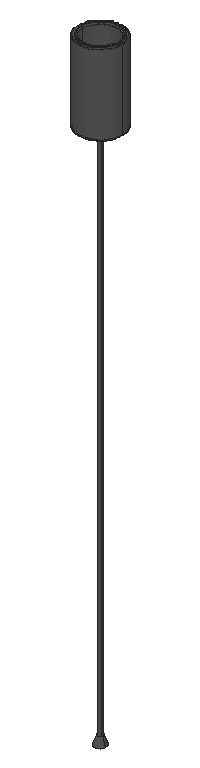
Revit family "CARLO CYLINDER LIGHT Pendant_ Surface", category Lighting Fixtures, host Face, Revit 2020 (continued)
Types (13): name | Wattage_Input | Wattage Comments | Wattage | built-in parameter 1150134 | Size 08 | Size 04 | Photometric Web File | built-in parameter 1150142 | Model | built-in parameter 1150105 | Lumens | built-in parameter 1150107 | built-in parameter 1150106 | Fixture Height | Fixture Diameter | BEAMING ANGLE | Apparent Load
    8 359.25 368.18 376.7 384.7 392.43 400.08 \r\n 407.75 415.7 423.75 431.79 439.87 447.84 456.18 465.51 475.21 484.77 \r\n 494.38 503.75 513.81 525.8 538.57 551.45 564.27 576.47 588.49 600.82 \r\n 612.84 623.99 634.69 645.27 655.58 665.56 675.32 685.02 694.48 703.66 \r\n 712.42 720.43 728.19 736.31 744.04 750.48 756.77 764.1 771.45 778.13 \r\n 784.38 790.12 795.67 801.39 807.1 812.87 818.38 823.33 827.7 831.27 \r\n 834.41 837.53 840.36 842.66 844.72 846.88 848.7 849.76 850.39 850.81 \r\n 849.27 \r\n2.1273 850.37 849.63 848.77 847.65 846.12 844.26 842.01 839.57 837.16 \r\n 834.53 831.5 828.1 824.29 820.12 815.62 810.88 806.04 800.91 795.23 \r\n 789.33 783.56 777.56 771.1 764.21 756.81 749.03 740.99 732.6 723.71 \r\n 714.65 705.88 696.81 686.84 676.43 665.83 655.11 644.59 633.86 622.56 \r\n 610.91 599.02 586.96 574.98 562.68 549.47 536.22 523.53 511.53 500.69 \r\n 490.53 480.7 471.24 462.05 453.12 444.38 435.82 427.43 419.08 410.56 \r\n 402.05 393.67 385.37 377.19 368.94 360.49 351.74 342.59 332.88 323.1 \r\n 311.25 294.8 275.93 255.69 234.95 215.23 195.62 175.55 155.53 135.82 \r\n 116.58 97.774 80.212 64.677 51.173 39.92 31.055 25.089 21.119 18.623 \r\n 16.964 15.235 13.727 12.417 11.343 10.581 9.9978 9.4845 9.0395 8.6235 \r\n 8.2415 7.8884 7.5545 7.223 6.9087 6.6263 6.3594 6.0914 5.8378 5.6154 \r\n 5.4035 5.1838 4.9651 4.7491 4.5393 4.3416 4.1504 3.9616 3.7782 3.6039 \r\n 3.4336 3.2607 3.0931 2.9366 2.7904 2.6607 2.5319 2.384 2.237 2.107 \r\n 1.9855 1.8682 1.758 1.6588 1.5638 1.4643 1.37 1.2896 1.217 1.1514 \r\n 1.0855 1.0083 0.93401 0.87673 0.8258 0.77525 0.72503 0.67152 0.6194 0.57298 \r\n 0.52969 0.48804 0.44907 0.41411 0.3808 0.34538 0.31333 0.29181 0.27198 0.24446 \r\n 0.21798 0.20022 0.18488 0.16799 0.15029 0.13113 0.11073 0.087956 0.066256 0.050151 \r\n 0.035251 0.015923 0.00041888 0 0 0 0 0 0 0 \r\n 0 0 0 0 0 0 0 0 0 0.010888 \r\n 0.023521 0.029695 0.037476 0.052731 0.073856 0.10478 0.13476 0.15051 0.16364 0.18253 \r\n 0.20357 0.22671 0.24959 0.26655 0.28732 0.32322 0.36378 0.40201 0.43884 0.47026 \r\n 0.5041 0.54858 0.59858 0.65344 0.70804 0.75374 0.80044 0.85666 0.91791 0.98276 \r\n 1.0507 1.1235 1.1998 1.2771 1.3598 1.4525 1.5514 1.6526 1.7608 1.8819 \r\n 2.0089 2.1355 2.2653 2.4021 2.539 2.6651 2.7967 2.9509 3.1153 3.2843 \r\n 3.4545 3.6147 3.7818 3.9762 4.1761 4.3596 4.5471 4.7571 4.9734 5.1808 \r\n 5.3939 5.626 5.8658 6.1018 6.3491 6.6219 6.9111 7.2061 7.5251 7.8873 \r\n 8.2802 8.6921 9.1397 9.623 10.181 10.811 11.64 12.825 14.274 15.93 \r\n 17.835 19.836 22.462 25.819 31.024 39.422 50.44 64.106 79.959 97.716 \r\n 116.87 136.98 157.56 178.03 198.22 217.61 236.67 255.85 274.77 293.66 \r\n 311.11 325.51 337.78 347.93 356.95 365.95 374.52 382.53 390.27 397.96 \r\n 405.69 413.68 421.78 429.97 438.17 446.12 454.4 463.69 473.37 482.97 \r\n 492.69 502.3 512.59 524.57 537.29 550.23 563.13 575.42 587.52 599.86 \r\n 611.9 623.06 633.83 644.58 655.04 664.9 674.52 684.28 693.84 703.08 \r\n 711.85 719.8 727.51 735.74 743.62 750.15 756.48 763.73 771.05 777.99 \r\n 784.52 790.31 795.84 801.55 807.23 812.92 818.35 823.31 827.72 831.31 \r\n 834.43 837.37 840.05 842.49 844.72 846.86 848.64 849.73 850.4 850.83 \r\n 849.27 \r\n2.1273 850.51 849.8 848.88 847.66 846.09 844.21 841.99 839.57 837.2 \r\n 834.57 831.46 827.98 824.19 820.09 815.72 811.04 806.07 800.73 794.79 \r\n 788.68 782.87 776.93 770.56 763.73 756.16 748.23 740.33 732.11 723.19 \r\n 714.09 705.47 696.54 686.56 676.09 665.4 654.61 644.08 633.34 621.88 \r\n 610.13 598.43 586.57 574.53 562.13 548.91 535.67 522.95 511.01 500.53 \r\n 490.73 480.99 471.46 462.05 452.9 444.23 435.79 427.41 419.12 410.9 \r\n 402.71 394.45 386.22 378.21 370.11 361.63 352.82 343.74 334.05 323.98 \r\n 311.86 295.49 276.71 256.22 235.24 215.63 196.16 176.02 155.83 135.84 \r\n 116.33 97.412 79.88 64.686 51.467 39.977 30.818 24.902 21.051 18.581 \r\n 16.927 15.199 13.688 12.378 11.304 10.541 9.9583 9.4514 9.0132 8.5993 \r\n 8.217 7.8606 7.5238 7.1943 6.8837 6.6061 6.3425 6.0723 5.8151 5.5911 \r\n 5.3786 5.1604 4.9427 4.7238 4.511 4.3142 4.1241 3.9325 3.7462 3.5713 \r\n 3.4017 3.2319 3.0669 2.9085 2.7606 2.6351 2.5096 2.3564 2.2033 2.0733 \r\n 1.9536 1.8385 1.7307 1.6325 1.5386 1.4412 1.3491 1.2712 1.2002 1.1338 \r\n 1.0667 0.98933 0.91531 0.85884 0.80895 0.75946 0.7101 0.65696 0.60471 0.55732 \r\n 0.51302 0.4713 0.43229 0.39642 0.36242 0.32775 0.29666 0.27555 0.25545 0.22584 \r\n 0.19771 0.18155 0.16832 0.15195 0.13403 0.11366 0.092257 0.070176 0.049718 0.033951 \r\n 0.020918 0.0087989 0.00024866 0 0 0 0 0 0 0 \r\n 0 0 0 0 0 0 0 0 0 0.017712 \r\n 0.038195 0.049508 0.060359 0.075576 0.094852 0.1224 0.14948 0.1655 0.1802 0.20129 \r\n 0.22429 0.24802 0.27024 0.28419 0.3022 0.33863 0.38069 0.42027 0.45772 0.48731 \r\n 0.51911 0.56359 0.61382 0.66781 0.72127 0.76601 0.81175 0.86661 0.92726 0.99442 \r\n 1.0642 1.1362 1.2116 1.2901 1.3755 1.4735 1.5775 1.6806 1.7891 1.9097 \r\n 2.0349 2.1579 2.2839 2.4174 2.5537 2.6871 2.8254 2.9756 3.1344 3.3039 \r\n 3.4752 3.6338 3.799 3.9929 4.1933 4.3801 4.5701 4.7781 4.9913 5.1979 \r\n 5.4096 5.6375 5.8719 6.101 6.3419 6.6116 6.8988 7.1938 7.5102 7.8594 \r\n 8.238 8.6405 9.0843 9.582 10.142 10.722 11.486 12.625 14.023 15.615 \r\n 17.441 19.371 21.857 24.89 29.716 37.802 48.471 61.582 76.99 94.758 \r\n 114.12 134.52 155.36 175.89 195.98 215.08 233.8 252.68 271.45 290.58 \r\n 308.37 322.94 335.3 345.53 354.6 363.65 372.27 380.3 388.06 395.81 \r\n 403.61 411.65 419.82 428.15 436.47 444.43 452.67 461.91 471.56 481.2 \r\n 491.03 500.91 511.43 523.4 536.06 549.05 562.03 574.41 586.59 598.94 \r\n 610.97 622.16 632.99 643.93 654.52 664.27 673.76 683.55 693.2 702.49 \r\n 711.28 719.18 726.85 735.18 743.2 749.84 756.25 763.42 770.71 777.89 \r\n 784.69 790.53 796.04 801.73 807.38 812.99 818.36 823.32 827.74 831.35 \r\n 834.45 837.21 839.75 842.34 844.75 846.87 848.6 849.71 850.42 850.87 \r\n 849.27 \r\n2.1273 850.67 850.01 849.02 847.72 846.11 844.21 842.01 839.62 837.27 \r\n 834.66 831.45 827.89 824.13 820.1 815.83 811.2 806.09 800.54 794.39 \r\n 788.1 782.26 776.35 770.07 763.28 755.58 747.53 739.76 731.7 722.78 \r\n 713.66 705.15 696.33 686.37 675.89 665.15 654.31 643.78 633.02 621.44 \r\n 609.62 598.09 586.41 574.33 561.85 548.65 535.44 522.68 510.77 500.63 \r\n 491.17 481.5 471.9 462.24 452.87 444.26 435.94 427.55 419.3 411.35 \r\n 403.44 395.28 387.11 379.26 371.28 362.78 353.92 344.91 335.22 324.82 \r\n 312.4 296.18 277.58 256.94 235.78 216.25 196.88 176.66 156.3 136.05 \r\n 116.31 97.328 79.842 64.895 51.857 40.111 30.659 24.78 21.037 18.585 \r\n 16.929 15.196 13.677 12.363 11.286 10.518 9.9328 9.4314 8.9994 8.5859 \r\n 8.2015 7.8409 7.5008 7.1732 6.8661 6.5916 6.3298 6.057 5.7963 5.5705 \r\n 5.3571 5.1401 4.9234 4.7016 4.4858 4.2897 4.1005 3.9067 3.718 3.5424 \r\n 3.3735 3.2062 3.0433 2.8829 2.7333 2.6115 2.4891 2.3315 2.1734 2.0431 \r\n 1.9249 1.8122 1.7066 1.6087 1.515 1.4193 1.3294 1.2536 1.1839 1.1166 \r\n 1.0485 0.97075 0.89686 0.84106 0.79208 0.74355 0.69504 0.64254 0.59039 0.54173 \r\n 0.49609 0.45443 0.41564 0.37897 0.34429 0.31016 0.27986 0.25935 0.23918 0.20738 \r\n 0.17744 0.16275 0.15164 0.13632 0.11853 0.096239 0.072991 0.051387 0.032265 0.017286 \r\n 0.0065854 0.0017317 0.000078 0 0 0 0 0 0 0 \r\n 0 0 0 0 0 0 0 0 0.00017974 0.023907 \r\n 0.051276 0.067075 0.080593 0.095753 0.11344 0.13827 0.16298 0.17908 0.19489 0.21756 \r\n 0.2421 0.26683 0.28901 0.30031 0.31573 0.35238 0.39557 0.43645 0.47459 0.5025 \r\n 0.53249 0.57732 0.62806 0.68107 0.73325 0.77722 0.82219 0.87554 0.93548 1.0052 \r\n 1.0772 1.1484 1.2227 1.3022 1.39 1.4931 1.602 1.7075 1.8168 1.9362 \r\n 2.0592 2.1792 2.3021 2.4327 2.5683 2.7081 2.8522 2.9987 3.1526 3.3226 \r\n 3.4952 3.6528 3.8168 4.0098 4.2103 4.4 4.5927 4.7993 5.0104 5.2167 \r\n 5.4275 5.6513 5.8805 6.1044 6.341 6.6086 6.8949 7.1907 7.5049 7.8417 \r\n 8.2069 8.602 9.0433 9.553 10.114 10.65 11.358 12.455 13.807 15.344 \r\n 17.103 18.965 21.323 24.075 28.579 36.422 46.821 59.481 74.517 92.266 \r\n 111.76 132.36 153.38 173.94 193.97 212.85 231.33 249.98 268.64 287.94 \r\n 305.97 320.64 333.07 343.35 352.46 361.56 370.21 378.26 386.05 393.87 \r\n 401.75 409.84 418.09 426.53 434.96 442.95 451.18 460.36 469.97 479.66 \r\n 489.6 499.72 510.45 522.41 535.03 548.07 561.12 573.57 585.81 598.16 \r\n 610.18 621.39 632.27 643.37 654.08 663.75 673.13 682.94 692.64 701.97 \r\n 710.81 718.67 726.32 734.73 742.86 749.64 756.14 763.24 770.48 777.88 \r\n 784.9 790.79 796.29 801.97 807.59 813.13 818.43 823.35 827.75 831.39 \r\n 834.48 837.08 839.5 842.23 844.81 846.91 848.58 849.72 850.46 850.92 \r\n 849.27 \r\n2.1273 850.86 850.27 849.27 847.92 846.28 844.36 842.16 839.78 837.45 \r\n 834.81 831.49 827.83 824.11 820.15 815.89 811.22 805.99 800.31 794.07 \r\n 787.71 781.8 775.83 769.53 762.73 755.01 746.96 739.25 731.28 722.44 \r\n 713.37 704.79 695.94 686.13 675.82 665.11 654.26 643.73 632.98 621.45 \r\n 609.68 598.17 586.51 574.43 561.97 548.84 535.68 522.84 510.89 500.94 \r\n 491.67 482.02 472.36 462.52 452.99 444.43 436.21 427.81 419.55 411.71 \r\n 403.91 395.8 387.68 379.91 372 363.51 354.64 345.68 335.95 325.19 \r\n 312.47 296.45 278.15 257.56 236.37 216.78 197.31 176.96 156.5 136.22 \r\n 116.5 97.627 80.219 65.131 51.902 40.02 30.501 24.715 21.092 18.657 \r\n 16.989 15.244 13.712 12.394 11.317 10.544 9.9542 9.4561 9.0271 8.608 \r\n 8.2164 7.8514 7.509 7.1837 6.879 6.6021 6.3366 6.0611 5.7982 5.5709 \r\n 5.3565 5.1391 4.9217 4.6979 4.4803 4.2839 4.0949 3.9009 3.7118 3.5361 \r\n 3.3669 3.1999 3.0367 2.8743 2.7232 2.6037 2.4838 2.3259 2.1668 2.036 \r\n 1.9178 1.8065 1.7016 1.6011 1.5045 1.4088 1.3197 1.2444 1.1749 1.107 \r\n 1.0381 0.95955 0.88518 0.82977 0.78147 0.73337 0.68533 0.63383 0.58213 0.53167 \r\n 0.48429 0.44341 0.40562 0.36812 0.33253 0.29876 0.26917 0.24953 0.22952 0.19524 \r\n 0.16314 0.14977 0.1409 0.12761 0.11048 0.084628 0.057602 0.035526 0.017831 0.0064301 \r\n 0 0 0 0 0 0 0 0 0 0 \r\n 0 0 0 0 0 0 0 0 0.0004823 0.02473 \r\n 0.052601 0.068548 0.082068 0.09703 0.11477 0.14077 0.1665 0.18222 0.19713 0.21848 \r\n 0.24242 0.26936 0.29369 0.30419 0.31813 0.35403 0.39692 0.43848 0.47724 0.50436 \r\n 0.5337 0.57982 0.63175 0.68376 0.73464 0.77858 0.82355 0.87551 0.93465 1.0067 \r\n 1.0811 1.1514 1.2245 1.3043 1.3932 1.4982 1.6095 1.7182 1.8296 1.9476 \r\n 2.0684 2.1874 2.3097 2.4394 2.5747 2.7154 2.8603 3.0057 3.1585 3.3295 \r\n 3.5036 3.6622 3.8265 4.0175 4.2165 4.408 4.6031 4.8102 5.0214 5.2297 \r\n 5.4416 5.6628 5.8894 6.1143 6.3532 6.6237 6.9126 7.2093 7.5224 7.8533 \r\n 8.2128 8.6091 9.0522 9.5617 10.117 10.637 11.323 12.394 13.72 15.234 \r\n 16.963 18.781 21.071 23.7 28.083 35.853 46.226 58.967 74.068 91.73 \r\n 111.09 131.58 152.52 173.1 193.19 212.16 230.7 249.4 268.04 287.17 \r\n 305.03 319.69 332.15 342.45 351.57 360.64 369.28 377.32 385.14 393.02 \r\n 400.97 409.12 417.42 425.94 434.43 442.43 450.66 459.87 469.51 479.24 \r\n 489.24 499.41 510.2 522.22 534.88 547.92 560.96 573.4 585.63 598 \r\n 610.04 621.21 632.08 643.22 653.99 663.69 673.08 682.78 692.39 701.81 \r\n 710.75 718.65 726.33 734.75 742.91 749.81 756.43 763.5 770.7 778.14 \r\n 785.23 791.16 796.67 802.37 807.97 813.46 818.67 823.46 827.77 831.46 \r\n 834.63 837.16 839.52 842.3 844.93 847.01 848.66 849.83 850.59 851.04 \r\n 849.27 \r\n2.1273 851.07 850.55 849.59 848.25 846.59 844.65 842.44 840.06 837.71 \r\n 835.02 831.58 827.82 824.15 820.24 815.89 811.1 805.76 800.01 793.82 \r\n 787.5 781.48 775.35 768.92 762.06 754.42 746.49 738.78 730.81 722.14 \r\n 713.19 704.39 695.34 685.8 675.81 665.23 654.42 643.89 633.16 621.84 \r\n 610.25 598.62 586.81 574.78 562.41 549.39 536.3 523.37 511.3 501.37 \r\n 492.13 482.45 472.73 462.79 453.2 444.69 436.54 428.13 419.83 411.91 \r\n 404.06 395.94 387.85 380.09 372.19 363.75 354.92 345.97 336.16 325.02 \r\n 312.02 296.24 278.3 257.97 236.91 217.1 197.35 176.85 156.35 136.25 \r\n 116.79 98.207 80.901 65.299 51.531 39.659 30.318 24.69 21.201 18.787 \r\n 17.098 15.335 13.786 12.467 11.391 10.614 10.021 9.5234 9.0934 8.6632 \r\n 8.2599 7.8907 7.5475 7.2249 6.9215 6.6367 6.3625 6.0846 5.821 5.5927 \r\n 5.3772 5.1576 4.9382 4.7135 4.4953 4.2978 4.1082 3.9159 3.7287 3.5531 \r\n 3.3831 3.2137 3.0479 2.8836 2.7315 2.6126 2.4946 2.3405 2.1846 2.0533 \r\n 1.9336 1.8223 1.7164 1.6105 1.5082 1.4107 1.3209 1.2444 1.1737 1.1055 \r\n 1.0364 0.95667 0.88126 0.82597 0.77806 0.72988 0.68194 0.63169 0.5807 0.52808 \r\n 0.47869 0.43931 0.4033 0.36495 0.32821 0.29462 0.26564 0.2471 0.22745 0.19058 \r\n 0.15612 0.14385 0.13718 0.12668 0.11065 0.079878 0.047468 0.024167 0.0077906 0.0014155 \r\n 0 0 0 0 0 0 0 0 0 0 \r\n 0 0 0 0 0 0 0 0 0.000383 0.01969 \r\n 0.041771 0.053512 0.064342 0.07899 0.098451 0.12943 0.15952 0.17443 0.1865 0.20371 \r\n 0.2249 0.25511 0.28368 0.29528 0.30895 0.34318 0.38434 0.42589 0.46516 0.49246 \r\n 0.52239 0.57063 0.62431 0.67538 0.72501 0.76969 0.81541 0.86619 0.92448 0.99844 \r\n 1.0751 1.1447 1.2165 1.2959 1.3844 1.4879 1.5988 1.711 1.8258 1.9424 \r\n 2.0611 2.1812 2.3052 2.4365 2.5718 2.7079 2.8485 2.9952 3.1509 3.3233 \r\n 3.4989 3.6604 3.8265 4.0148 4.2107 4.4029 4.5999 4.809 5.0228 5.2351 \r\n 5.4503 5.6705 5.8971 6.129 6.3767 6.655 6.9496 7.2472 7.56 7.8918 \r\n 8.2542 8.6598 9.1086 9.6054 10.149 10.68 11.378 12.442 13.761 15.285 \r\n 17.022 18.821 21.104 23.777 28.246 36.112 46.704 60.049 75.649 93.162 \r\n 112.14 132.22 152.84 173.42 193.69 213.02 231.96 250.97 269.69 288.33 \r\n 305.62 320.15 332.61 342.88 351.97 360.97 369.53 377.56 385.38 393.31 \r\n 401.33 409.52 417.84 426.38 434.89 442.89 451.14 460.45 470.19 479.96 \r\n 489.94 499.99 510.68 522.81 535.59 548.59 561.55 573.89 586.05 598.45 \r\n 610.53 621.64 632.42 643.48 654.22 664.09 673.6 683.1 692.5 702.01 \r\n 711.13 719.15 726.89 735.25 743.36 750.38 757.12 764.2 771.35 778.68 \r\n 785.68 791.63 797.2 802.93 808.54 813.97 819.07 823.65 827.79 831.57 \r\n 834.87 837.45 839.8 842.53 845.11 847.18 848.83 850.01 850.78 851.19 \r\n 849.27 \r\n2.1273 851.26 850.82 849.9 848.59 846.92 844.95 842.73 840.33 837.95 \r\n 835.22 831.67 827.82 824.19 820.3 815.84 810.9 805.47 799.67 793.59 \r\n 787.35 781.19 774.88 768.29 761.35 753.85 746.07 738.33 730.34 721.86 \r\n 713.05 704 694.74 685.46 675.83 665.39 654.67 644.12 633.42 622.34 \r\n 610.95 599.17 587.17 575.19 562.93 550.03 537.01 523.99 511.8 501.81 \r\n 492.54 482.82 473.05 463.05 453.42 444.96 436.86 428.44 420.08 412.04 \r\n 404.08 395.96 387.87 380.1 372.2 363.8 355.01 346.06 336.16 324.66 \r\n 311.36 295.78 278.19 258.19 237.33 217.32 197.27 176.63 156.11 136.22 \r\n 117.04 98.759 81.548 65.385 51.045 39.235 30.137 24.681 21.325 18.928 \r\n 17.214 15.434 13.868 12.547 11.472 10.692 10.095 9.5972 9.1639 8.722 \r\n 8.3068 7.9339 7.5903 7.2703 6.9678 6.6744 6.3909 6.1114 5.8482 5.6192 \r\n 5.4025 5.1807 4.9592 4.7343 4.5161 4.3173 4.127 3.9367 3.7517 3.5766 \r\n 3.4057 3.2335 3.0647 2.8988 2.746 2.6268 2.5098 2.3606 2.2092 2.0775 \r\n 1.956 1.8444 1.737 1.6253 1.5171 1.4172 1.326 1.2473 1.1753 1.1071 \r\n 1.0378 0.95707 0.88062 0.82527 0.77752 0.72917 0.6813 0.63227 0.58202 0.52732 \r\n 0.47606 0.43839 0.40434 0.36527 0.32738 0.29369 0.26507 0.24766 0.22859 0.1896 \r\n 0.1531 0.14151 0.13652 0.12874 0.11388 0.078343 0.040673 0.016297 0.00095128 0 \r\n 0 0 0 0 0 0 0 0 0 0 \r\n 0 0 0 0 0 0 0 0 0.00025817 0.013318 \r\n 0.028157 0.034899 0.04264 0.057035 0.078522 0.11493 0.14973 0.16381 0.17281 0.18538 \r\n 0.20338 0.23687 0.26993 0.2832 0.29708 0.32945 0.36853 0.40978 0.44946 0.47736 \r\n 0.50836 0.55876 0.61414 0.66437 0.71291 0.75853 0.80519 0.85489 0.91235 0.98796 \r\n 1.0667 1.1358 1.2063 1.2849 1.3723 1.4735 1.5831 1.6984 1.8163 1.9312 \r\n 2.048 2.1696 2.296 2.4297 2.5656 2.6958 2.8308 2.9795 3.1388 3.3124 \r\n 3.4892 3.6542 3.8226 4.008 4.2007 4.3931 4.5918 4.8033 5.0203 5.2368 \r\n 5.4557 5.6752 5.9027 6.1432 6.4012 6.6875 6.988 7.2867 7.5998 7.9345 \r\n 8.3016 8.7176 9.1724 9.6532 10.184 10.734 11.455 12.519 13.836 15.38 \r\n 17.137 18.922 21.221 24 28.633 36.671 47.556 61.586 77.742 95.099 \r\n 113.67 133.27 153.52 174.09 194.57 214.31 233.7 253.1 271.96 290.05 \r\n 306.71 321.05 333.46 343.68 352.73 361.64 370.12 378.13 385.96 393.94 \r\n 402.01 410.23 418.57 427.11 435.62 443.62 451.9 461.31 471.16 480.96 \r\n 490.91 500.78 511.33 523.57 536.48 549.45 562.31 574.54 586.62 599.04 \r\n 611.14 622.19 632.89 643.84 654.53 664.6 674.28 683.57 692.75 702.35 \r\n 711.64 719.79 727.63 735.91 743.95 751.09 757.96 765.05 772.14 779.3 \r\n 786.15 792.12 797.76 803.52 809.13 814.51 819.5 823.85 827.82 831.68 \r\n 835.12 837.76 
